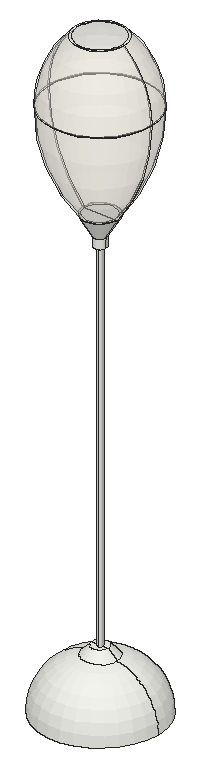
Revit family "1c7634b552c64957a66f7f724634f7d4", category Lighting Fixtures, host Face, Revit 2021
Family settings
  Host = Face
  Round Connector Dimension = Use Diameter
  Part Type = Normal
  OmniClass Number = 23.80.70.11
  OmniClass Title = Luminaries for Internal Lighting
  Cut with Voids When Loaded = No
  Light Source = Yes
  Shared = No
  Room Calculation Point = No
Parameters (values of type "Standard")
  Wattage = 60 W
  built-in parameter 1150110 = 1 (stored number, unit not read)
  Voltage = 120 V
  Shade Material = Steel, Paint Finish, Ivory, Glossy
  built-in parameter 1114217 = 1 (stored number, unit not read)
  Tilt Angle = 90.00°
  built-in parameter 1150109 = 1 (stored number, unit not read)
  built-in parameter 1150134 = 3
  built-in parameter 1150113 = 1 (stored number, unit not read)
  Photometric Web File = "2ACLX2_20L.ies"
  Number of Poles = 1
  built-in parameter 1150105 = 709.24 (stored number, unit not read)
  Lumens = 8912.52 lm
  built-in parameter 1150115 = 1 (stored number, unit not read)
  Load Classification = Lighting - Dwelling Unit
  Light Source Height = 0' - 2"
  built-in parameter 1150137 = (empty or 0)
  built-in parameter 1150139 = (empty or 0)
  Diffuser Material = Glass, Frosted
  built-in parameter 1150112 = 1 (stored number, unit not read)
  built-in parameter 1150114 = 1 (stored number, unit not read)
  Lamp = "LED"
  built-in parameter 1150132 = (empty or 0)
  built-in parameter 1150102 = (empty or 0)
  built-in parameter 1150107 = 3200 (stored number, unit not read)
  built-in parameter 1150138 = (empty or 0)
  built-in parameter 1150106 = 7.0924 (stored number, unit not read)
  Hang Height = 1' - 3"
  built-in parameter 1150104 = 13.8 (stored number, unit not read)
  Dimming Lamp Color Temperature Shift = <None>
  Default Elevation = 4' - 0"
  Connector Description = "Power Connection"
  Color Filter = 16777215
  built-in parameter 1114218 = 1 (stored number, unit not read)
  built-in parameter 1150133 = 10 (stored number, unit not read)
  Apparent Load = 60 VA
Reference planes (in)
  plane 1 "Center (Front/Back)": y = 0
  plane 2: z = 0
  plane 3 "Center (Left/Right)": x = -0.03594
  plane 4: z = 17.5
  plane 5: z = 25.375
  plane 6: z = 18.7
  plane 7: z = 2.5
  plane 8: z = 23.375
Forms (in)
  Extrusion 1, solid, material "Steel, Paint Finish, Ivory, Glossy" <- "Shade Material"
    sketch origin (0, 0, 0) x (0, -1, 0) y (1, 0, 0)
      loop
        circle (0, -0.03594) r 0.1
    from 17.5 to 2.5
  Revolve 2, solid, material "Steel, Paint Finish, Ivory, Glossy" <- "Shade Material"
    sketch origin (0.26698, 0, 0) x (1, 0, 0) y (0, 0, -1)
      loop
        line (2.15156, 0) -> (-0.30292, 0) -> (-0.30292, -2.5) -> (0.05568, -2.5) -> (0.39442, -2.14475)
        arc (0.39442, -2.14475) -> (1.65618, -1.38632) -> (2.15156, 0) r 2.1875
      axis (-0.30292, -2.5) -> (-0.30292, 0)
    angle from 0 to 360
  Revolve 3, solid, material "Steel, Paint Finish, Ivory, Glossy" <- "Shade Material"
    sketch origin (0, 0, 0) x (1, 0, 0) y (0, 0, 1)
      loop
        line (-0.03594, 17.5) -> (0.21406, 17.5) -> (0.21406, 17.8867) -> (0.68362, 18.7) -> (-0.03594, 18.7) -> (-0.03594, 17.5)
      axis (-0.03594, 18.7) -> (-0.03594, 17.5)
    angle from 0 to 360
  Revolve 4, solid, material "Glass, Frosted" <- "Diffuser Material"
    sketch origin (0, 0, 0) x (1, 0, 0) y (0, 0, 1)
      loop
        arc (0.68362, 18.7) -> (1.77327, 20.59799) -> (2.15156, 22.75358) r 6.33077
        arc (2.15156, 22.75358) -> (1.85345, 24.18342) -> (1.00882, 25.375) r 3.5781
        line (1.00882, 25.375) -> (0.90779, 25.375)
        arc (0.90779, 25.375) -> (1.78724, 24.19327) -> (2.09902, 22.75358) r 3.47997
        arc (2.09902, 22.75358) -> (1.70888, 20.59049) -> (0.58763, 18.7) r 6.19161
        line (0.58763, 18.7) -> (0.68362, 18.7)
      axis (-0.03594, 25.375) -> (-0.03594, 18.7)
    angle from 0 to 360
Lines and regions (in)
  symbolic lines
    curve 1: circle (-0.03594, 0, 0) r 2.1875 normal (0, 0, 1)
Dimensions and locks (in)
  locked: plane 4 to plane 5 at 7.875
  locked: plane 4 to plane 6 at 1.2
  locked: plane 7 to plane 2 at 2.5
  "Hang Height": plane 4 to plane 7
  "Light Source Height": plane 5 to plane 8
  aligned and locked: plane 2 to host face
  aligned and locked: level to host face
  aligned and locked: plane 4 to Extrusion 1
  aligned and locked: Revolve 2 sketch curve to plane 3 "Center (Left/Right)"
  aligned and locked: Revolve 2 sketch curve to plane 7
  aligned and locked: Extrusion 1 to plane 7
  aligned and locked: plane 4 to Revolve 3 sketch curve
  aligned and locked: Revolve 3 sketch curve to plane 6
  aligned and locked: Revolve 3 sketch curve to plane 3 "Center (Left/Right)"
  aligned and locked: Revolve 4 sketch curve to plane 3 "Center (Left/Right)"
  aligned and locked: imposter light to plane 3 "Center (Left/Right)"
  aligned and locked: imposter light to plane 8
  aligned and locked: plane 1 "Center (Front/Back)" to curve 1
  aligned and locked: plane 3 "Center (Left/Right)" to curve 1
Automatic sketch dimensions
  host sketch curve to host sketch curve = 2' - 5.09175"
  host sketch curve to host sketch curve = 2' - 8.16418"
  plane 1 "Center (Front/Back)" to Extrusion 1 sketch curve = 0' - 0"
  Extrusion 1 sketch curve to plane 3 "Center (Left/Right)" = 0' - 0"
  Revolve 2 sketch curve to plane 3 "Center (Left/Right)" = 0' - 0"
  Revolve 2 sketch curve to level = 0' - 0"
  Revolve 2 sketch curve to Revolve 2 sketch curve = 0' - 0.26698"
  Revolve 2 sketch curve to plane 3 "Center (Left/Right)" = 0' - 0.3586"
  Revolve 2 sketch curve to Revolve 2 sketch curve = 0' - 2 3/16"
  Revolve 2 sketch curve to Revolve 2 sketch curve = 0' - 0.33874"
  plane 5 to Revolve 2 sketch curve = 0' - 8.83552"
  Revolve 2 sketch curve to Revolve 2 sketch curve = 2' - 4.63147"
  Revolve 3 sketch curve to plane 3 "Center (Left/Right)" = 0' - 0"
  plane 3 "Center (Left/Right)" to Revolve 3 sketch curve = 0' - 0 1/4"
  plane 3 "Center (Left/Right)" to Revolve 3 sketch curve = 0' - 0.71956"
  Revolve 3 sketch curve to Revolve 3 sketch curve = 0' - 0.3867"
  Revolve 3 sketch curve to level = 2' - 4.63147"
  Revolve 4 sketch curve to plane 6 = 0' - 0"
  Revolve 4 sketch curve to plane 5 = 0' - 0"
  Revolve 4 sketch curve to plane 3 "Center (Left/Right)" = 0' - 1.34502"
  Revolve 4 sketch curve to Revolve 4 sketch curve = 0' - 0.04559"
  Revolve 4 sketch curve to Revolve 4 sketch curve = 0' - 2.66605"
  Revolve 4 sketch curve to Revolve 4 sketch curve = 0' - 0.08661"
  plane 3 "Center (Left/Right)" to Revolve 4 sketch curve = 0' - 0.62357"
  Revolve 4 sketch curve to Revolve 4 sketch curve = 0' - 0.09599"
  plane 3 "Center (Left/Right)" to Revolve 4 sketch curve = 0' - 1.04476"
  plane 5 to Revolve 4 sketch curve = 0' - 2.62142"
  Revolve 4 sketch curve to Revolve 4 sketch curve = 0' - 0"
  Revolve 4 sketch curve to Revolve 4 sketch curve = 0' - 0.10102"
  Revolve 4 sketch curve to level = 2' - 4.63147"
  Revolve 3 sketch curve to plane 5 = 18' - 3.53474"
  Revolve 4 sketch curve to plane 5 = 18' - 3.53474"
  radius of Extrusion 1 sketch curve = 0' - 0.1"
  radius of curve 1 = 0' - 2 3/16"
Connectors (in)
  electrical at (-0.03594, 0, 0), driven by "Number of Poles", driven by "Load Classification", driven by "Voltage", driven by "Apparent Load", driven by "Apparent Load"
    settings: on Revolve 2, index 1, voltage 120 V, apparent load 60 VA, apparent load phase1 60 VA, apparent load phase2 0 VA, apparent load phase3 0 VA, power factor 0.95, load classification "Lighting - Dwelling Unit", number of poles 1, system type 31, power factor state 1, is connector primary yes, connector utility no, sub classification motor no, connector description ""
